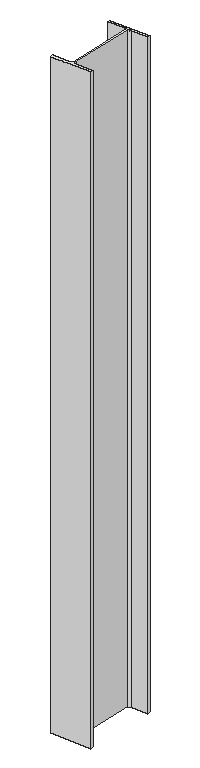
Revit family "VU-Viga universal-Coluna", category Pilares estruturais, Revit 2019
Family settings
  Forma do corte = Não definido
  Material para o comportamento do modelo = Aço
  Exportar sempre como geometria = Não
  Redução da viga na planta = Da caixa de vinculação
  Número OmniClass = 23.25.30.11.14.11
  Título OmniClass = Columns
  ID de item do Seek = UB-Universal Beam-Column-0000-CAN-ENU
  Corte com vazios quando carregada = Não
  Representação simbólica = Das configurações de projeto
  Compartilhado = Não
  Exibir o pré-corte da família na vista da planta = Sim
Parameters (values of type "305x165x40UB")
  W = 0
  Structural Material [instance] = Aço, 45-345
  Assembly Code = ""
  Ix = 8503
  M = 40.3
  Nominal h = "305"
  Zx = 560
  b = 165 mm
  h = 303.4 mm
  r = 8.9 mm
  s = 6 mm
  t = 10.2 mm
  A = 0.005 m²
Reference planes
  plane 1: y = 0
  plane 2: z = 0
  plane 3: x = 0
  plane 4: x = -82.5
  plane 5: x = 82.5
  plane 6: y = 151.7
  plane 7: y = -151.7
  plane 8: x = -3.969
  plane 9: x = 3.969
Forms (mm)
  Extrusion 1, solid, material "Aço, 45-345" <- "Structural Material", detail levels medium
    sketch origin (0, 0, 0) x (1, 0, 0) y (0, 1, 0)
      loop
        line (-82.5, 151.7) -> (-82.5, 141.5) -> (-3, 141.5) -> (-3, -141.5) -> (-82.5, -141.5) -> (-82.5, -151.7) -> (82.5, -151.7) -> (82.5, -141.5) -> (3, -141.5) -> (3, 141.5) -> (82.5, 141.5) -> (82.5, 151.7) -> (-82.5, 151.7)
    from 0 to 2500
  Extrusion 2, solid, material "Aço, 45-345" <- "Structural Material", detail levels fine
    sketch origin (0, 0, 0) x (1, 0, 0) y (0, 1, 0)
      loop
        line (-82.5, 151.7) -> (-82.5, 141.5) -> (-11.9, 141.5)
        arc (-11.9, 141.5) -> (-5.607, 138.893) -> (-3, 132.6) r 8.9
        line (-3, 132.6) -> (-3, -132.6)
        arc (-3, -132.6) -> (-5.607, -138.893) -> (-11.9, -141.5) r 8.9
        line (-11.9, -141.5) -> (-82.5, -141.5) -> (-82.5, -151.7) -> (82.5, -151.7) -> (82.5, -141.5) -> (11.9, -141.5)
        arc (11.9, -141.5) -> (5.607, -138.893) -> (3, -132.6) r 8.9
        line (3, -132.6) -> (3, 132.6)
        arc (3, 132.6) -> (5.607, 138.893) -> (11.9, 141.5) r 8.9
        line (11.9, 141.5) -> (82.5, 141.5) -> (82.5, 151.7) -> (-82.5, 151.7)
    from 0 to 2500
Lines and regions (mm)
  symbolic lines, style "StructuralColumnStickSymbols", detail levels coarse
    curve 1: line (-82.5, 151.7, 0) -> (82.5, 151.7, 0)
    curve 2: line (-82.5, -151.7, 0) -> (82.5, -151.7, 0)
    curve 3: line (0, 151.7, 0) -> (0, -151.7, 0)
  symbolic lines, style "Faces ocultas", detail levels medium+fine
    curve 4: line (-3.969, 0, 0) -> (-3.969, 0, 2500)
    curve 5: line (3.969, 0, 2500) -> (3.969, 0, 0)
Dimensions and locks
  equal spacing: plane 4, plane 3, plane 5
  equal spacing: plane 7, plane 1, plane 6
  "h": plane 7 to plane 6
  "b": plane 4 to plane 5
  "t": plane 7 to Extrusion 1 sketch curve
  "t": Extrusion 1 sketch curve to plane 6
  equal spacing: Extrusion 1 sketch curve, plane 3, Extrusion 1 sketch curve
  "s": Extrusion 1 sketch curve to Extrusion 1 sketch curve
  "r": radius of Extrusion 2 sketch curve  (x4)
  aligned and locked: plane 6 to Extrusion 1 sketch curve
  aligned and locked: Extrusion 1 sketch curve to plane 7
  aligned and locked: Extrusion 1 sketch curve to plane 4  (x2)
  aligned and locked: plane 5 to Extrusion 1 sketch curve  (x2)
  aligned and locked: Extrusion 1 sketch curve to Extrusion 1 sketch curve  (x2)
  aligned and locked: level to Extrusion 1
  aligned and locked: level to plane 2
  aligned and locked: Extrusion 1 to plane 2
  aligned and locked: plane 6 to Extrusion 2 sketch curve
  aligned and locked: plane 5 to Extrusion 2 sketch curve  (x2)
  aligned and locked: Extrusion 2 sketch curve to plane 4  (x2)
  aligned and locked: Extrusion 2 sketch curve to Extrusion 1  (x6)
  aligned and locked: Extrusion 2 sketch curve to plane 7
  aligned and locked: level to Extrusion 2
  aligned and locked: Extrusion 2 to level
Automatic sketch dimensions
  curve 2 to plane 4 = 0 mm
  curve 1 to plane 4 = 0 mm
  curve 3 to plane 3 = 0 mm
  curve 2 to plane 5 = 0 mm
  curve 1 to plane 5 = 0 mm
  curve 3 to plane 7 = 0 mm
  curve 3 to plane 6 = 0 mm
  curve 4 to level = 0 mm  (x2)
  curve 4 to plane 8 = 0 mm
  curve 5 to level = 0 mm  (x2)
  curve 5 to plane 9 = 0 mm
Types in the file's own list only (72): name | Ix | M | Nominal h | Zx | b | h | r | s | t | A
  1016x305x487UB | 1021400 | 486.6 | "1016" | 19720 | 309 mm | 1036 mm | 30 mm | 30 mm | 54 mm | 0.06 m²
  1016x305x437UB | 909900 | 436.9 | "1016" | 17740 | 305 mm | 1026 mm | 30 mm | 27 mm | 49 mm | 0.06 m²
  1016x305x393UB | 807700 | 392.7 | "1016" | 15900 | 303 mm | 1016 mm | 30 mm | 24 mm | 44 mm | 0.05 m²
  1016x305x349UB | 723100 | 349.4 | "1016" | 14350 | 302 mm | 1008 mm | 30 mm | 21 mm | 40 mm | 0.04 m²
  1016x305x314UB | 644200 | 314.3 | "1016" | 12880 | 300 mm | 1000 mm | 30 mm | 19 mm | 36 mm | 0.04 m²
  1016x305x272UB | 554000 | 272.3 | "1016" | 11190 | 300 mm | 990 mm | 30 mm | 17 mm | 31 mm | 0.03 m²
  1016x305x249UB | 481300 | 248.7 | "1016" | 9821 | 300 mm | 980 mm | 30 mm | 17 mm | 26 mm | 0.03 m²
  1016x305x222UB | 408000 | 222 | "1016" | 8409 | 300 mm | 970 mm | 30 mm | 16 mm | 21 mm | 0.03 m²
  838x292x194UB | 279200 | 193.8 | "838" | 6641 | 292 mm | 841 mm | 18 mm | 15 mm | 22 mm | 0.02 m²
  838x292x176UB | 246000 | 175.9 | "838" | 5893 | 292 mm | 835 mm | 18 mm | 14 mm | 19 mm | 0.02 m²
  762x267x197UB | 240000 | 196.8 | "762" | 6234 | 268 mm | 770 mm | 17 mm | 16 mm | 25 mm | 0.03 m²
  762x267x173UB | 205300 | 173 | "762" | 5387 | 267 mm | 762 mm | 17 mm | 14 mm | 22 mm | 0.02 m²
  762x267x147UB | 168500 | 146.9 | "762" | 4470 | 265 mm | 754 mm | 17 mm | 13 mm | 18 mm | 0.02 m²
  762x267x134UB | 150700 | 133.9 | "762" | 4018 | 264 mm | 750 mm | 17 mm | 12 mm | 16 mm | 0.02 m²
  686x254x170UB | 170300 | 170.2 | "686" | 4916 | 256 mm | 693 mm | 15 mm | 15 mm | 24 mm | 0.02 m²
  686x254x152UB | 150400 | 152.4 | "686" | 4374 | 255 mm | 688 mm | 15 mm | 13 mm | 21 mm | 0.02 m²
  686x254x140UB | 136300 | 140.1 | "686" | 3987 | 254 mm | 684 mm | 15 mm | 12 mm | 19 mm | 0.02 m²
  686x254x125UB | 118000 | 125.2 | "686" | 3481 | 253 mm | 678 mm | 15 mm | 12 mm | 16 mm | 0.02 m²
  610x305x238UB | 209500 | 238.1 | "610" | 6589 | 311 mm | 636 mm | 17 mm | 18 mm | 31 mm | 0.03 m²
  610x305x179UB | 153000 | 179 | "610" | 4935 | 307 mm | 620 mm | 17 mm | 14 mm | 24 mm | 0.02 m²
  610x305x149UB | 125900 | 149.2 | "610" | 4111 | 305 mm | 612 mm | 17 mm | 12 mm | 20 mm | 0.02 m²
  610x229x140UB | 111800 | 139.9 | "610" | 3622 | 230 mm | 617 mm | 13 mm | 13 mm | 22 mm | 0.02 m²
  610x229x125UB | 98610 | 125.1 | "610" | 3221 | 229 mm | 612 mm | 13 mm | 12 mm | 20 mm | 0.02 m²
  610x229x113UB | 87320 | 113 | "610" | 2874 | 228 mm | 608 mm | 13 mm | 11 mm | 17 mm | 0.01 m²
  610x229x101UB | 75780 | 101.2 | "610" | 2515 | 228 mm | 603 mm | 13 mm | 11 mm | 15 mm | 0.01 m²
  533x210x122UB | 76040 | 122 | "533" | 2793 | 212 mm | 545 mm | 13 mm | 13 mm | 21 mm | 0.02 m²
  533x210x109UB | 66820 | 109 | "533" | 2477 | 211 mm | 540 mm | 13 mm | 12 mm | 19 mm | 0.01 m²
  533x210x101UB | 61520 | 101 | "533" | 2292 | 210 mm | 537 mm | 13 mm | 11 mm | 17 mm | 0.01 m²
  533x210x92UB | 55230 | 92.14 | "533" | 2072 | 209 mm | 533 mm | 13 mm | 10 mm | 16 mm | 0.01 m²
  533x210x82UB | 47540 | 82.2 | "533" | 1800 | 209 mm | 528 mm | 13 mm | 10 mm | 13 mm | 0.01 m²
  457x191x98UB | 45730 | 98.3 | "457" | 1957 | 193 mm | 467 mm | 10 mm | 11 mm | 20 mm | 0.01 m²
  457x191x89UB | 41020 | 89.3 | "457" | 1770 | 192 mm | 463 mm | 10 mm | 11 mm | 18 mm | 0.01 m²
  457x191x82UB | 37050 | 82 | "457" | 1611 | 191 mm | 460 mm | 10 mm | 10 mm | 16 mm | 0.01 m²
  457x191x74UB | 33320 | 74.3 | "457" | 1458 | 190 mm | 457 mm | 10 mm | 9 mm | 15 mm | 0.01 m²
  457x191x67UB | 29380 | 67.1 | "457" | 1296 | 190 mm | 453 mm | 10 mm | 9 mm | 13 mm | 0.01 m²
  457x152x82UB | 36590 | 82.1 | "457" | 1571 | 155 mm | 466 mm | 10 mm | 11 mm | 19 mm | 0.01 m²
  457x152x74UB | 32670 | 74.2 | "457" | 1414 | 154 mm | 462 mm | 10 mm | 10 mm | 17 mm | 0.01 m²
  457x152x67UB | 28930 | 67.2 | "457" | 1263 | 154 mm | 458 mm | 10 mm | 9 mm | 15 mm | 0.01 m²
  457x152x60UB | 25500 | 59.8 | "457" | 1122 | 153 mm | 455 mm | 10 mm | 8 mm | 13 mm | 0.01 m²
  457x152x52UB | 21370 | 52.3 | "457" | 950 | 152 mm | 450 mm | 10 mm | 8 mm | 11 mm | 0.01 m²
  406x178x74UB | 27310 | 74.2 | "406" | 1323 | 180 mm | 413 mm | 10 mm | 10 mm | 16 mm | 0.01 m²
  406x178x67UB | 24330 | 67.1 | "406" | 1189 | 179 mm | 409 mm | 10 mm | 9 mm | 14 mm | 0.01 m²
  406x178x60UB | 21600 | 60.1 | "406" | 1063 | 178 mm | 406 mm | 10 mm | 8 mm | 13 mm | 0.01 m²
  406x178x54UB | 18720 | 54.1 | "406" | 930 | 178 mm | 403 mm | 10 mm | 8 mm | 11 mm | 0.01 m²
  406x140x46UB | 15690 | 46 | "406" | 778 | 142 mm | 403 mm | 10 mm | 7 mm | 11 mm | 0.01 m²
  406x140x39UB | 12510 | 39 | "406" | 629 | 142 mm | 398 mm | 10 mm | 6 mm | 9 mm | 0.00 m²
  356x171x67UB | 19460 | 67.1 | "356" | 1071 | 173 mm | 363 mm | 10 mm | 9 mm | 16 mm | 0.01 m²
  356x171x57UB | 16040 | 57 | "356" | 896 | 172 mm | 358 mm | 10 mm | 8 mm | 13 mm | 0.01 m²
  356x171x51UB | 14140 | 51 | "356" | 796 | 172 mm | 355 mm | 10 mm | 7 mm | 12 mm | 0.01 m²
  356x171x45UB | 12070 | 45 | "356" | 687 | 171 mm | 351 mm | 10 mm | 7 mm | 10 mm | 0.01 m²
  356x127x39UB | 10170 | 39.1 | "356" | 576 | 126 mm | 353 mm | 10 mm | 7 mm | 11 mm | 0.00 m²
  356x127x33UB | 8249 | 33.1 | "356" | 473 | 125 mm | 349 mm | 10 mm | 6 mm | 9 mm | 0.00 m²
  305x165x54UB | 11700 | 54 | "305" | 754 | 167 mm | 310 mm | 9 mm | 8 mm | 14 mm | 0.01 m²
  305x165x46UB | 9899 | 46.1 | "305" | 646 | 166 mm | 307 mm | 9 mm | 7 mm | 12 mm | 0.01 m²
  305x127x48UB | 9575 | 48.1 | "305" | 616 | 125 mm | 311 mm | 9 mm | 9 mm | 14 mm | 0.01 m²
  305x127x42UB | 8196 | 41.9 | "305" | 534 | 124 mm | 307 mm | 9 mm | 8 mm | 12 mm | 0.01 m²
  305x127x37UB | 7171 | 37 | "305" | 471 | 123 mm | 304 mm | 9 mm | 7 mm | 11 mm | 0.00 m²
  305x102x33UB | 6501 | 32.8 | "305" | 416 | 102 mm | 313 mm | 8 mm | 7 mm | 11 mm | 0.00 m²
  305x102x28UB | 5366 | 28.2 | "305" | 348 | 102 mm | 309 mm | 8 mm | 6 mm | 9 mm | 0.00 m²
  305x102x25UB | 4455 | 24.8 | "305" | 292 | 102 mm | 305 mm | 8 mm | 6 mm | 7 mm | 0.00 m²
  254x146x43UB | 6544 | 43 | "254" | 504 | 147 mm | 260 mm | 8 mm | 7 mm | 13 mm | 0.01 m²
  254x146x37UB | 5537 | 37 | "254" | 433 | 146 mm | 256 mm | 8 mm | 6 mm | 11 mm | 0.00 m²
  254x146x31UB | 4413 | 31.1 | "254" | 351 | 146 mm | 251 mm | 8 mm | 6 mm | 9 mm | 0.00 m²
  254x102x28UB | 4005 | 28.3 | "254" | 308 | 102 mm | 260 mm | 8 mm | 6 mm | 10 mm | 0.00 m²
  254x102x25UB | 3415 | 25.2 | "254" | 266 | 102 mm | 257 mm | 8 mm | 6 mm | 8 mm | 0.00 m²
  254x102x22UB | 2841 | 22 | "254" | 224 | 102 mm | 254 mm | 8 mm | 6 mm | 7 mm | 0.00 m²
  203x133x30UB | 2896 | 30 | "203" | 280 | 134 mm | 207 mm | 8 mm | 6 mm | 10 mm | 0.00 m²
  203x133x25UB | 2340 | 25.1 | "203" | 230 | 133 mm | 203 mm | 8 mm | 6 mm | 8 mm | 0.00 m²
  203x102x23UB | 2105 | 23.1 | "203" | 207 | 102 mm | 203 mm | 8 mm | 5 mm | 9 mm | 0.00 m²
  178x102x19UB | 1356 | 19 | "178" | 153 | 101 mm | 178 mm | 8 mm | 5 mm | 8 mm | 0.00 m²
  152x89x16UB | 834 | 16 | "152" | 109 | 89 mm | 152 mm | 8 mm | 5 mm | 8 mm | 0.00 m²
  127x76x13UB | 473 | 13 | "127" | 74.6 | 76 mm | 127 mm | 8 mm | 4 mm | 8 mm | 0.00 m²
